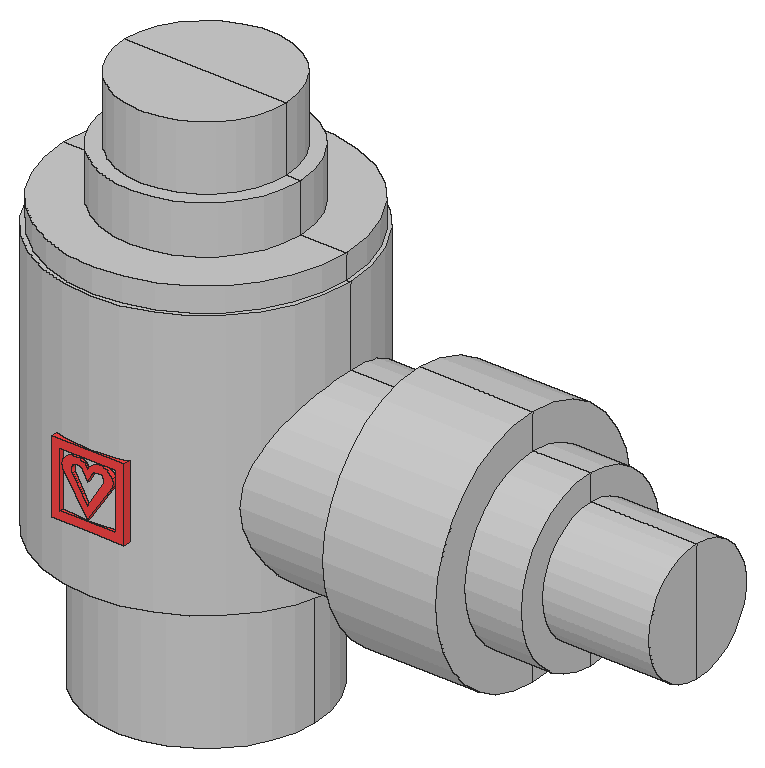
Revit family "RL-1-E Rücklaufventil Eck 3724", category Rohrzubehör, Revit 2019
Family settings
  Bemaßung runder Anschluss = Durchmesser verwenden
  Teiletyp = Unterbricht
  OmniClass-Nummer = 23.65.55.14
  OmniClass-Titel = Valves for Liquid Services
  Arbeitsebenenbasiert = Nein
  Immer vertikal = Nein
  Beim Laden mit Abzugskörper schneiden = Nein
  Gemeinsam genutzt = Nein
Parameters
  W01 = 120.00°  # constant formula
  URL = "www.herz-armaturen.at"
  SCRNSEQ = "ARM;ARM_TYP=\"ALLF\";2"
  SCRNCODE = "05;01;02"  # constant formula
  S04 = 45.000 mm  # constant formula
  S03 [instance] = H02 - 5.000 mm + 41.000 mm  # 57.500 mm
  S02 [instance] = L04 + L03 - L02  # 26.800 mm
  S01 = 10.000 mm  # constant formula
  R04 = 10.000 mm  # constant formula
  R03 = 11.750 mm  # constant formula
  R02 = 17.500 mm  # constant formula
  Nennweite [instance] = 15.000 mm
  Medium = "Heizwasserqualität entsprechend ÖNORM H 5195 bzw. VDI-Richtllinie 2035."
  Max.Betriebstemperatur = 120 °C  # constant formula
  Max.Betriebsdruck = 1000000.0 Pa  # constant formula
  LO1 [instance] = R01 - 0.500 mm  # 17.500 mm
  L05 = 19.500 mm  # constant formula
  L04 [instance] = size_lookup("3724_1E_", "L4", 1.000 mm, Nennweite)  # 20.300 mm
  L03 [instance] = size_lookup("3724_1E_", "L3", 1.000 mm, Nennweite)  # 14.000 mm
  L02 [instance] = size_lookup("3724_1E_", "L2", 1.000 mm, Nennweite)  # 7.500 mm
  L01 [instance] = size_lookup("3724_1E_", "L1", 1.000 mm, Nennweite)  # 34.000 mm
  Hersteller = "HERZ Armaturen Ges.m.b.H."  # constant formula
  H06 = 14.000 mm  # constant formula
  H05 = 8.000 mm  # constant formula
  H04 = 17.000 mm  # constant formula
  H03 [instance] = H01 - D03  # 17.250 mm
  H02 [instance] = size_lookup("3724_1E_", "H2", 1.000 mm, Nennweite) - 5.000 mm  # 21.500 mm
  H01 [instance] = size_lookup("3724_1E_", "H1", 1.000 mm, Nennweite)  # 29.000 mm
  Gehäuse = "vernickeltes Messing"  # constant formula
  GT1 [instance] = size_lookup("3724_1E_", "GT1", 1.000 mm, Nennweite)  # 13.200 mm
  GT [instance] = size_lookup("3724_1E_", "GT", 1.000 mm, Nennweite)  # 12.300 mm
  G2 [instance] = Nennweite / 2  # 7.500 mm
  G1 [instance] = Nennweite / 2  # 7.500 mm
  R01 = 18.000 mm  # constant formula
  D05 [instance] = size_lookup("3724_1E_", "D5", 1.000 mm, Nennweite)  # 10.650 mm
  D04 [instance] = size_lookup("3724_1E_", "D4", 1.000 mm, Nennweite)  # 15.000 mm
  D03 [instance] = size_lookup("3724_1E_", "D3", 1.000 mm, Nennweite)  # 11.750 mm
  D02 [instance] = size_lookup("3724_1E_", "D2", 1.000 mm, Nennweite)  # 9.525 mm
  D01 [instance] = size_lookup("3724_1E_", "D1", 1.000 mm, Nennweite)  # 13.500 mm
  Bestellnummer [instance] = size_lookup("3724_1E_", "Artnr", 0, Nennweite)  # 1372401
  Ausführungen = "Standardmodelle mit Gewindemuffen in vernickelter Ausführung"
  Anwendungsgebiet = "Wasserheizungsanlagen.\r\nDurch den Einbau des Rücklaufventils ist der Heizkörper-Rücklaufanschluß absperrbar. Dadurch kann bei\r\ngleichzeitiger Absperrung des Vorlaufventils der Heizkörper bei unter Druck stehender Anlage demontiert werden."
Reference planes
  plane 1 "Mitte (Vorne/hinten)": y = 0
  plane 2: z = 0
  plane 3 "Mitte (Links/rechts)": x = 0
Forms (mm)
  Revolve 1, solid, material "Messing, weicher Gelbton, geschweißt", detail levels fine
    sketch origin (0, 0, 0) x (1, 0, 0) y (0, 0, 1)
      loop
        line (0, 21.5) -> (-18, 21.5) -> (-18, -11.75) -> (-13.5, -11.75) -> (-13.5, -29) -> (-7.5, -29) -> (-7.5, -16.7) -> (0, -16.7) -> (0, 21.5)
      axis (0, 21.5) -> (0, -29)
    angle from 0 to 360
  Revolve 2, solid, material "Messing, weicher Gelbton, geschweißt", detail levels fine
    sketch origin (0, 0, 0) x (1, 0, 0) y (0, 0, 1)
      loop
        line (34, 0) -> (34, 9.525) -> (26.5, 9.525) -> (26.5, 11.75) -> (0, 11.75) -> (0, 0) -> (34, 0)
      axis (0, 0) -> (34, 0)
    angle from 0 to 360
  Revolve 3, solid, material "Messing, weicher Gelbton, geschweißt", detail levels fine
    sketch origin (-1, 0, 0) x (1, 0, 0) y (0, 0, 1)
      loop
        line (35, 0) -> (61.8, 0) -> (61.8, 7.5) -> (48.6, 7.5) -> (48.6, 10.65) -> (41.5, 10.65) -> (41.5, 15) -> (27.5, 15) -> (27.5, 9.525) -> (35, 9.525) -> (35, 0)
      axis (27.5, 0) -> (61.8, 0)
    angle from 0 to 360
  Revolve 4, solid, material "Messing, weicher Gelbton, geschweißt", detail levels fine
    sketch origin (0, 0, 0) x (1, 0, 0) y (0, 0, 1)
      loop
        line (0, 21.5) -> (0, 38.5) -> (-10, 38.5) -> (-10, 30.5) -> (-11.75, 30.5) -> (-11.75, 24.5) -> (-17.5, 24.5) -> (-17.5, 21.5) -> (0, 21.5)
      axis (0, 38.5) -> (0, 21.5)
    angle from 0 to 360
Lines and regions (mm)
  model lines, detail levels coarse+medium
    curve 1: line (0, 0, 0) -> (13.5, 0, -29)
    curve 2: line (13.5, 0, -29) -> (-13.5, 0, -29)
    curve 3: line (-13.5, 0, -29) -> (0, 0, 0)
    curve 4: line (0, 0, 0) -> (34, 0, 15)
    curve 5: line (34, 0, 15) -> (34, 0, -15)
    curve 6: line (34, 0, -15) -> (0, 0, 0)
    curve 7: line (34, 0, 15) -> (44, 0, 15)
    curve 8: line (44, 0, 15) -> (34, 0, 0)
    curve 9: line (34, 0, -15) -> (44, 0, -15)
    curve 10: line (44, 0, -15) -> (34, 0, 0)
    curve 11: line (34, 0, 0) -> (60.8, 0, 0)
    curve 12: line (0, 0, 0) -> (13.5, -29, 0)
    curve 13: line (13.5, -29, 0) -> (-13.5, -29, 0)
    curve 14: line (-13.5, -29, 0) -> (0, 0, 0)
    curve 15: line (0, 0, 0) -> (34, 15, 0)
    curve 16: line (34, 15, 0) -> (34, -15, 0)
    curve 17: line (34, -15, 0) -> (0, 0, 0)
    curve 18: line (34, 15, 0) -> (44, 15, 0)
    curve 19: line (44, 15, 0) -> (34, 0, 0)
    curve 20: line (34, -15, 0) -> (44, -15, 0)
    curve 21: line (34, 0, 0) -> (44, -15, 0)
Dimensions and locks
  "H02": Revolve 1 sketch curve to plane 2
  "H01": plane 2 to Revolve 1 sketch curve
  "R01": Revolve 1 sketch curve to Revolve 1 sketch curve
  "G1": Revolve 1 sketch curve to Revolve 1 sketch curve
  "D01": Revolve 1 sketch curve to Revolve 1 sketch curve
  "GT": Revolve 1 sketch curve to Revolve 1 sketch curve
  "H03": Revolve 1 sketch curve to Revolve 1 sketch curve
  "L02": Revolve 2 sketch curve to Revolve 2 sketch curve
  "LO1": nested 1 to plane 1 "Mitte (Vorne/hinten)"
  "L02": Revolve 3 sketch curve to Revolve 3 sketch curve
  "L03": Revolve 3 sketch curve to Revolve 3 sketch curve
  "L04": Revolve 3 sketch curve to Revolve 3 sketch curve
  "D04": Revolve 3 sketch curve to Revolve 3 sketch curve
  "G2": Revolve 3 sketch curve to Revolve 3 sketch curve
  "D05": Revolve 3 sketch curve to Revolve 3 sketch curve
  "GT1": Revolve 3 sketch curve to Revolve 3 sketch curve
  "L01": plane 3 "Mitte (Links/rechts)" to Revolve 3 sketch curve
  "D02": Revolve 3 sketch curve to plane 2
  "H01": plane 2 to curve 2
  "L01": curve 5 to plane 3 "Mitte (Links/rechts)"
  "D01": curve 2 to plane 3 "Mitte (Links/rechts)" to curve 3
  "D04": curve 5 to plane 2 to curve 6
  "S01": curve 5 to curve 8
  "S01": curve 5 to curve 10
  "S02": curve 11 to curve 11
  "H01": curve 13 to plane 1 "Mitte (Vorne/hinten)"
  "D01": curve 14 to plane 3 "Mitte (Links/rechts)" to curve 13
  "L01": plane 3 "Mitte (Links/rechts)" to curve 16
  "D04": curve 17 to plane 1 "Mitte (Vorne/hinten)" to curve 16
  "S01": curve 16 to curve 19
  "S01": curve 16 to curve 21
  "L01": Revolve 2 sketch curve to plane 3 "Mitte (Links/rechts)"
  "D03": Revolve 2 sketch curve to plane 2
  "D02": Revolve 2 sketch curve to plane 2
  "H02": Revolve 4 sketch curve to plane 2
  "H04": Revolve 4 sketch curve to Revolve 4 sketch curve
  "H05": Revolve 4 sketch curve to Revolve 4 sketch curve
  "H06": Revolve 4 sketch curve to Revolve 4 sketch curve
  "R04": Revolve 4 sketch curve to Revolve 4 sketch curve
  "R03": Revolve 4 sketch curve to Revolve 4 sketch curve
  "R02": Revolve 4 sketch curve to Revolve 4 sketch curve
  aligned and locked: level to plane 2
Automatic sketch dimensions
  curve 4 to level = 0.000 mm
  curve 4 to plane 3 "Mitte (Links/rechts)" = 0.000 mm
  curve 11 to level = 0.000 mm
  curve 8 to level = 0.000 mm
  plane 1 "Mitte (Vorne/hinten)" to curve 14 = 0.000 mm
  curve 14 to plane 3 "Mitte (Links/rechts)" = 0.000 mm
  plane 1 "Mitte (Vorne/hinten)" to curve 19 = 0.000 mm
  Revolve 1 sketch curve to plane 3 "Mitte (Links/rechts)" = 0.000 mm  (x2)
  Revolve 1 sketch curve to Revolve 1 sketch curve = 345.545 mm
  Revolve 1 sketch curve to Revolve 1 sketch curve = 2189.815 mm
  Revolve 2 sketch curve to level = 0.000 mm  (x2)
  Revolve 2 sketch curve to plane 3 "Mitte (Links/rechts)" = 0.000 mm
  Revolve 2 sketch curve to plane 3 "Mitte (Links/rechts)" = 1506.530 mm
  Revolve 2 sketch curve to Revolve 2 sketch curve = 1815.148 mm
  Revolve 3 sketch curve to level = 0.000 mm  (x2)
  Revolve 3 sketch curve to plane 3 "Mitte (Links/rechts)" = 1507.530 mm
  Revolve 3 sketch curve to Revolve 3 sketch curve = 1789.648 mm
  Revolve 4 sketch curve to plane 3 "Mitte (Links/rechts)" = 0.000 mm  (x2)
  Revolve 4 sketch curve to level = 366.045 mm
  Revolve 4 sketch curve to Revolve 4 sketch curve = 2164.815 mm
Nested families
  nested 1: "Herz-Logo-vorne" at (0, -17.5, 0) x (0, -1, 0) z (0, 0, 1), type "Herz-Logo-vorne", detail levels fine
Connectors
  piping at (0, 0, -16.7), diameter 15, driven by "Nennweite"
    settings: on Revolve 1, index 1, connector inside diameter 609.6 mm, connector length 0.000 mm, flow factor 0, pipe flow 0.0 L/s, pressure drop 0.0 Pa, fitting loss kfactor 0, connector angle 0.00°, fixture units 0, engagement length 0.000 mm, angle of deflection 0.00°, flow configuration 0, flow direction 1, fitting loss method 0, system type 8, joint type 0, gender type 0, connector reference index -1, connector utility 0, adjustable connector no, is connector primary yes, connector description ""
  piping at (60.8, 0, 0), diameter 15, driven by "Nennweite"
    settings: on Revolve 3, index 2, connector inside diameter 609.6 mm, connector length 0.000 mm, flow factor 0, pipe flow 0.0 L/s, pressure drop 0.0 Pa, fitting loss kfactor 0, connector angle 0.00°, fixture units 0, engagement length 0.000 mm, angle of deflection 0.00°, flow configuration 0, flow direction 2, fitting loss method 0, system type 8, joint type 0, gender type 0, connector reference index -1, connector utility 0, adjustable connector no, is connector primary no, connector description ""
Definition of nested family "Herz-Logo-vorne"
  Reference planes
    plane 1 "Mitte (Vorne/hinten)": y = 0
    plane 2: z = 0
    plane 3 "Mitte (Links/rechts)": x = 0
  Forms (mm)
    Extrusion 1, solid
      sketch origin (0.732, -0.018, 0.017) x (0, -1, 0) y (0, 0, 1)
        loop
          line (-0.018, -4.517) -> (4.482, -4.517) -> (4.482, 4.483) -> (-4.518, 4.483) -> (-4.518, -4.517) -> (-0.018, -4.517)
        loop
          line (-0.05, -3.48) -> (3.482, -3.48) -> (3.482, 3.483) -> (-3.518, 3.483) -> (-3.518, -3.48) -> (-0.05, -3.48)
        loop
          arc (-0.018, 2.383) -> (-1.543, 3.287) -> (-3.067, 2.383) r 1.738
          arc (-3.067, 2.383) -> (-3.191, 1.899) -> (-3.067, 1.415) r 1.009
          line (-3.067, 1.415) -> (-0.018, -3.281) -> (3.032, 1.415)
          arc (3.032, 1.415) -> (3.156, 1.899) -> (3.032, 2.383) r 1.009
          arc (3.032, 2.383) -> (1.507, 3.287) -> (-0.018, 2.383) r 1.738
        loop
          arc (1.885, 1.272) -> (2.005, 1.675) -> (1.885, 2.079) r 0.74
          arc (1.885, 2.079) -> (1.265, 2.416) -> (0.644, 2.079) r 0.74
          line (0.644, 2.079) -> (-0.018, 0.97) -> (-0.679, 2.079)
          arc (-0.679, 2.079) -> (-1.3, 2.416) -> (-1.921, 2.079) r 0.74
          arc (-1.921, 2.079) -> (-2.04, 1.675) -> (-1.921, 1.272) r 0.74
          line (-1.921, 1.272) -> (-0.018, -1.658) -> (1.885, 1.272)
      from 0 to 1.5
  Dimensions and locks
    aligned and locked: level to plane 2
